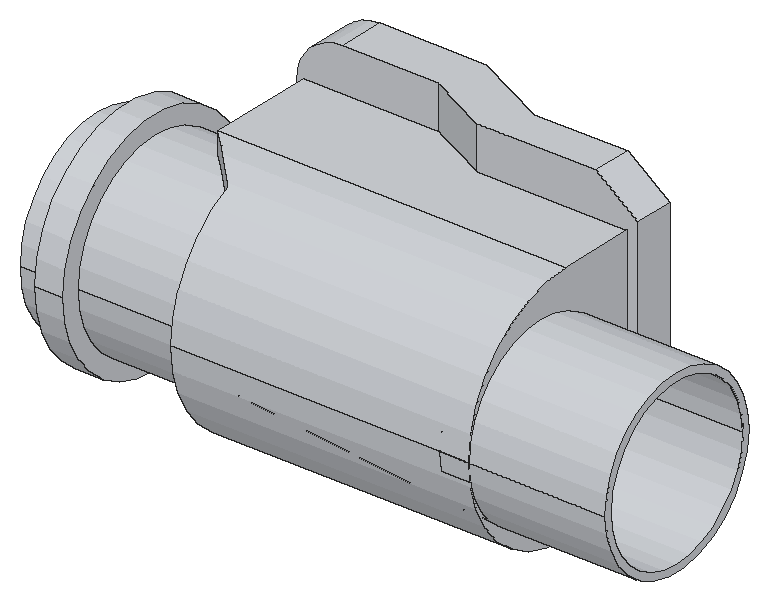
Revit family "Clapeta antiretur PP", category Pipe Fittings, Revit 2019
Family settings
  Round Connector Dimension = Use Diameter
  Part Type = Transition
  OmniClass Number = 23.60.30.11.14
  OmniClass Title = Pipework Fittings
  Work Plane-Based = No
  Always vertical = No
  Cut with Voids When Loaded = No
  Shared = No
Parameters
  URL = "https://www.teraplast.ro/"
  Revizie [instance] = 1
  O1 = 2.00 mm
  Material [instance] = PP (Polipropilena)
  Manufacturer = "Teraplast"
  LookupTable [instance] = ""
  L = 169.00 mm
  Garnitura [instance] = 1
  Description = "Sistem de tevi si fitinguri din PP pentru canalizari interioare."
  D = 50.00 mm
  Cod Articol Teraplast = "FVE0365"
  B = 92.00 mm
  A = 68.00 mm
Reference planes
  plane 1 "Center (Front/Back)": y = 0
  plane 2: z = 0
  plane 3 "Center (Left/Right)": x = 0
  plane 4: y = 25
  plane 5: y = -25
  plane 6: x = -84.5
  plane 7: x = 84.5
  plane 8: y = 9
  plane 9: x = -30
  plane 10: x = 40
  plane 11: z = 34
  plane 12: z = -34
  plane 13: z = 46
  plane 14: z = -46
Forms (mm)
  Sweep 1, solid
    path origin (0, 0, 0) x (1, 0, 0) y (0, 1, 0)
      loop
        line (-84.5, 9) -> (-30, 9) -> (40, 0) -> (84.5, 0)
    profile origin (-57.25, 9, 0) x (0, 1, 0) y (0, 0, 1)
      loop
        circle (0, 0) r 25
      loop
        circle (0, 0) r 23
  Extrusion 2, solid
    sketch origin (0, 0, 0) x (1, 0, 0) y (0, 1, 0)
      loop
        line (46.31, -27) -> (46.31, 30.233) -> (4.593, 30.233) -> (-13.382, 39) -> (-50.794, 39) -> (-50.794, 9) -> (-36.794, -5) -> (-36.794, -27) -> (46.31, -27)
    from -34 to 34
  Extrusion 3, void
    sketch origin (0, 0, 0) x (0, 1, 0) y (0, 0, 1)
      loop
        arc (-25, 0) -> (-15.042, 24.042) -> (9, 34) r 34
        line (9, 34) -> (-41.239, 34) -> (-41.239, -34) -> (9, -34)
        arc (9, -34) -> (-15.042, -24.042) -> (-25, 0) r 34
    from -250 to 250
  Extrusion 4, solid
    sketch origin (0, 0, 0) x (1, 0, 0) y (0, 1, 0)
      loop
        line (-13.382, 39) -> (4.593, 30.233) -> (49.465, 30.233) -> (49.465, 41.233) -> (11.695, 41.233) -> (-10.381, 52) -> (-52.934, 52) -> (-52.934, 39) -> (-13.382, 39)
    from -46 to 46
  Extrusion 5, solid, material "Rosu"
    sketch origin (-52.934, 52, 0) x (1, 0, 0) y (0, 0, -1)
      loop
        arc (30.558, 12.377) -> (38.058, 19.877) -> (30.558, 27.377) r 7.5
        line (30.558, 27.377) -> (10.558, 19.877) -> (30.558, 12.377)
    from 0 to 10
  Extrusion 6, solid
    sketch origin (-84.5, 9, 0) x (0, -1, 0) y (0, 0, 1)
      loop
        circle (0, 0) r 27
    from 0 to -54.5
  Extrusion 7, solid
    sketch origin (-84.5, 9, 0) x (0, -1, 0) y (0, 0, 1)
      loop
        circle (0, 0) r 32
    from -8 to -16
  Extrusion 8, void
    sketch origin (-84.5, 9, 0) x (0, 1, 0) y (0, 0, 1)
      loop
        circle (0, 0) r 25
    from 0 to 30
  Extrusion 9, void
    sketch origin (0, 0, 0) x (1, 0, 0) y (0, 0, 1)
      loop
        line (37.688, -46) -> (49.465, -37.152) -> (49.465, 37.152) -> (37.752, 46) -> (-39.934, 46)
        arc (-39.934, 46) -> (-49.127, 42.192) -> (-52.934, 33) r 13
        line (-52.934, 33) -> (-52.934, -33)
        arc (-52.934, -33) -> (-49.127, -42.192) -> (-39.934, -46) r 13
        line (-39.934, -46) -> (37.688, -46)
      loop
        line (63.405, 58.362) -> (-65.229, 58.362) -> (-65.229, -66.638) -> (63.405, -66.638) -> (63.405, 58.362)
    from -30.233 to -124.516
Cuts and joins
  Extrusion 3, Extrusion 8, Extrusion 9 cuts Extrusion 2
  Extrusion 8, Extrusion 9 cuts Sweep 1
  Extrusion 8, Extrusion 9 cuts Extrusion 4
  Extrusion 8 cuts Extrusion 6
  Extrusion 8 cuts Extrusion 7
Dimensions and locks
  equal spacing: plane 5, plane 1 "Center (Front/Back)", plane 4
  "D": plane 5 to plane 4
  equal spacing: plane 6, plane 3 "Center (Left/Right)", plane 7
  "L": plane 6 to plane 7
  plane 1 "Center (Front/Back)" to plane 8 = 9.00 mm
  plane 9 to plane 3 "Center (Left/Right)" = 30.00 mm
  plane 3 "Center (Left/Right)" to plane 10 = 40.00 mm
  equal spacing: plane 12, plane 2, plane 11
  "A": plane 12 to plane 11
  "O1": Extrusion 2 sketch curve to plane 5
  Extrusion 4 sketch curve to cut or joined group of Extrusion 2, Extrusion 3, Extrusion 8, Extrusion 9 = 13.00 mm  (x2)
  Extrusion 4 sketch curve to cut or joined group of Extrusion 2, Extrusion 3, Extrusion 8, Extrusion 9 = 11.00 mm
  equal spacing: plane 14, plane 2, plane 13
  "B": plane 14 to plane 13
  level to Extrusion 9 sketch curve = 33.00 mm
  equal spacing: Extrusion 9 sketch curve, level, Extrusion 9 sketch curve
  "D": diameter of Sweep 1 sketch curve
  radius of Extrusion 3 sketch curve = 34.00 mm  (x2)
  aligned and locked: level to plane 2
  aligned and locked: plane 1 "Center (Front/Back)" to Sweep 1 sketch curve
  aligned and locked: plane 8 to Sweep 1 sketch curve
  aligned and locked: plane 11 to Extrusion 3 sketch curve
  aligned and locked: Extrusion 4 sketch curve to cut or joined group of Extrusion 2, Extrusion 3, Extrusion 8, Extrusion 9  (x3)
  aligned and locked: plane 13 to Extrusion 4
  aligned and locked: Extrusion 4 to plane 14
  aligned and locked: plane 9 to Extrusion 6
  aligned and locked: cut or joined group of Extrusion 4, Extrusion 8, Extrusion 9 to Extrusion 9 sketch curve
  aligned and locked: plane 8 to Extrusion 3 sketch curve  (x2)
Automatic sketch dimensions
  Sweep 1 sketch curve to plane 6 = 0.00 mm
  Sweep 1 sketch curve to plane 9 = 0.00 mm
  Sweep 1 sketch curve to plane 10 = 0.00 mm
  Sweep 1 sketch curve to plane 7 = 0.00 mm
  Extrusion 4 sketch curve to plane 9 = 22.934 mm
  plane 10 to Extrusion 4 sketch curve = 9.465 mm
  Extrusion 5 sketch curve to Extrusion 4 = 10.558 mm
  Extrusion 4 to Extrusion 5 sketch curve = 11.995 mm
  Extrusion 5 sketch curve to Extrusion 5 sketch curve = 0.00 mm  (x2)
  Extrusion 5 sketch curve to Extrusion 5 sketch curve = 7.50 mm
  Extrusion 4 to Extrusion 5 sketch curve = 26.123 mm
  Extrusion 3 sketch curve to plane 12 = 0.00 mm
  plane 5 to Extrusion 3 sketch curve = 16.239 mm
  Extrusion 9 sketch curve to plane 13 = 0.00 mm
  Extrusion 9 sketch curve to plane 14 = 0.00 mm
  plane 6 to Extrusion 9 sketch curve = 19.271 mm
  plane 12 to Extrusion 9 sketch curve = 1.00 mm
  Extrusion 9 sketch curve to plane 9 = 9.934 mm
  Extrusion 9 sketch curve to plane 10 = 2.312 mm
  Extrusion 9 sketch curve to plane 10 = 2.248 mm
  plane 11 to Extrusion 9 sketch curve = 3.152 mm
  plane 10 to Extrusion 9 sketch curve = 9.465 mm
  Extrusion 9 sketch curve to plane 7 = 21.095 mm
  Extrusion 9 sketch curve to plane 14 = 20.638 mm
  plane 13 to Extrusion 9 sketch curve = 12.362 mm
  Sweep 1 sketch curve to Sweep 1 sketch curve = 0.00 mm  (x2)
  Sweep 1 sketch curve to level = 0.00 mm
  Sweep 1 sketch curve to profile plane = 0.00 mm
  plane 8 to Extrusion 2 sketch curve = 0.00 mm
  Extrusion 2 sketch curve to plane 9 = 20.794 mm
  Extrusion 2 sketch curve to plane 9 = 6.794 mm
  Extrusion 2 sketch curve to plane 3 "Center (Left/Right)" = 13.382 mm
  plane 3 "Center (Left/Right)" to Extrusion 2 sketch curve = 4.593 mm
  plane 10 to Extrusion 2 sketch curve = 6.31 mm
  plane 1 "Center (Front/Back)" to Extrusion 2 sketch curve = 5.00 mm
  Extrusion 2 sketch curve to plane 4 = 5.233 mm
  Extrusion 2 sketch curve to plane 4 = 14.00 mm
  radius of Sweep 1 to Extrusion 6 sketch curve = 2.00 mm
  radius of Sweep 1 to Extrusion 7 sketch curve = 7.00 mm
  radius of Extrusion 8 sketch curve to Sweep 1 = 0.00 mm
  radius of Sweep 1 sketch curve = 23.00 mm
Connectors
  piping at (-54.5, 9, 0), diameter 50, driven by "D"
    settings: on cut or joined group of Sweep 1, Extrusion 8, Extrusion 9, index 1, connector inside diameter 609.6 mm, connector length 0.00 mm, flow factor 0, pipe flow 0.0 L/s, pressure drop 0.0 Pa, fitting loss kfactor 0, connector angle 0.00°, fixture units 0, engagement length 0.00 mm, angle of deflection 0.00°, flow configuration 0, flow direction 0, fitting loss method 0, system type 16, joint type 0, gender type 0, connector reference index 2, connector utility 0, adjustable connector no, is connector primary yes, connector description ""
  piping at (84.5, 0, 0), diameter 50, driven by "D"
    settings: on cut or joined group of Sweep 1, Extrusion 8, Extrusion 9, index 2, connector inside diameter 609.6 mm, connector length 0.00 mm, flow factor 0, pipe flow 0.0 L/s, pressure drop 0.0 Pa, fitting loss kfactor 0, connector angle 0.00°, fixture units 0, engagement length 0.00 mm, angle of deflection 0.00°, flow configuration 0, flow direction 0, fitting loss method 0, system type 16, joint type 0, gender type 0, connector reference index 1, connector utility 0, adjustable connector no, is connector primary no, connector description ""
